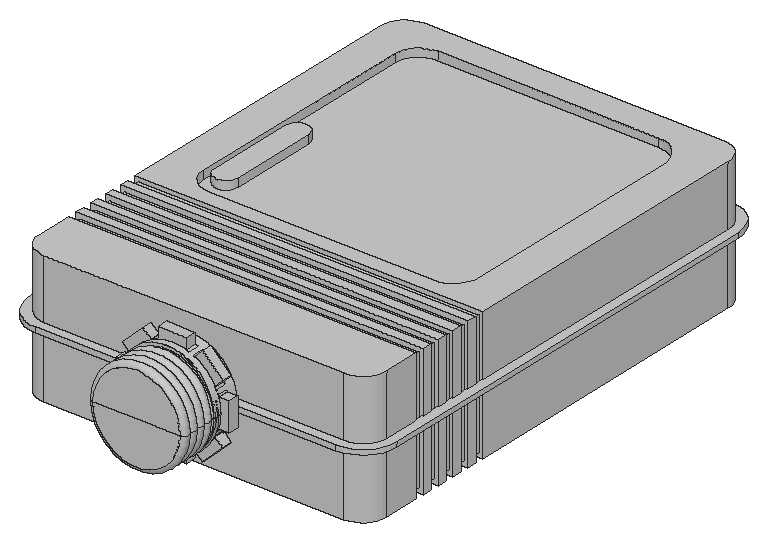
Revit family "NXRCFCX", category Communication Devices, host Face, Revit 2014
Parameters
  Warranty = "5-Years Warranty"  # constant formula
  Voltage = "120/277/347 VAC"
  Type Comments = "FX Room Controller"  # constant formula
  Standby Power = "120VAC: 1.2,277VAC: 1.5,347VAC: 1.5"  # constant formula
  Product Page URL = "https://www.hubbell.com/hubbellcontrolsolutions/en/Products/Lighting-Controls/Lighting-Controls-Sensors/NX-Distributed-Intelligence-Lighting-Controls/FX-Room-Controller/p/6338621"
  Product Documentation Link = "https://hubbellcdn.com/specsheet/HCS_3510A_NXRCFX_SPEC.pdf"
  URL = "https://www.hubbell.com/hubbellcontrolsolutions/en"
  Model = "NX Room Controller"  # constant formula
  Manufacturer = "Hubbell Control Solutions"  # constant formula
  L = 5.26"
  Washer = Metal-Hubbell-Galvanized_Steel
  Features = "• Single or dual relay versions for ON/OFF or bi-level control\r\n• Approved for use with controlled receptacles\r\n• Single or dual 0-10V interface for full range dimming control\r\n• FX bus enabled, allows for up to 32 room controllers per NX Zone Segment\r\n• SmartPORT™ auto configuration support for NX Occupancy Sensors,\r\nDaylight Sensors and Smart Wall Stations\r\n• Intelligently and automatically responds to sensors and switches in the most\r\nefficient manner\r\n• Schedules are held in the devices themselves with integral Time Clock\r\nrequiring no additional devices for scheduling\r\n• Advanced configuration, power metering, and control through either NX\r\nArea Controller or HCS controlHUBB Bluetooth™ mobile application"  # constant formula
  Dimming = " Class 2/Class 1\r\n• Installation as Class 1 requires 600 volt\r\ninsulation on dimming conductors sharing\r\na conduit with line voltage conductors"  # constant formula
  Description = "The FX enabled NX Room Controller (NXRCFX) provides automatic and manual lighting control with the simplicity of plug-in installation and auto-configuration. Devices such as digital wall stations, occupancy/vacancy sensors, and daylight sensors are simply plugged into the FX Room Controller and auto-configure to default operations. All device communication is over stardard Cat5 cables which simplifies installation and eliminates wiring errors. Advanced configuration of the FX Room Controller can be accomplished through use of the NX Bluetooth® Radio and free controlHUBB mobile application available for both Android™ and iOS® devices. All of these features add up to an efficient, user-friendly and trouble-free installation."  # constant formula
  Default Elevation = 0.00"
  Copyright = "Copyright © 2020 Hubbell Control Solutions"  # constant formula
  Contact Us = "https://www.hubbell.com/hubbellcontrolsolutions/en/contactUs"
  Housing Material = Plastic - Hubbell - Gray
  Certification = "Conforms with UL916 and Certified to CAN/\r\nCSA C22.2 No. 205-M1983\r\n• IC Approved\r\n• Title 24 compliance"  # constant formula
  Assembly Code = "D5090"
Reference planes (in)
  plane 1 "Center (Front/Back)": y = 13.01342
  plane 2: z = 0
  plane 3 "Center (Left/Right)": x = 0
  plane 4: x = 1.93
  plane 5: x = -1.93
  plane 6: y = 15.64342
  plane 7: y = 10.38342
Forms (in)
  Extrusion 1, solid, material "Plastic - Hubbell - Gray" <- "Housing Material"
    sketch origin (13.06888, 12.96782, 0) x (0, 1, 0) y (-1, 0, 0)
      loop
        arc (-2.18, 14.837) -> (-2.35678, 14.76378) -> (-2.43, 14.587) r 0.25
        line (-2.43, 14.587) -> (-2.43, 11.4497)
        arc (-2.43, 11.4497) -> (-2.35678, 11.27292) -> (-2.18, 11.1997) r 0.25
        line (-2.18, 11.1997) -> (2.28105, 11.1997)
        arc (2.28105, 11.1997) -> (2.45783, 11.27292) -> (2.53105, 11.4497) r 0.25
        line (2.53105, 11.4497) -> (2.53105, 14.587)
        arc (2.53105, 14.587) -> (2.45783, 14.76378) -> (2.28105, 14.837) r 0.25
        line (2.28105, 14.837) -> (-2.18, 14.837)
    from 0 to 1.37
  Sweep 2, solid, material "Plastic - Hubbell - Gray" <- "Housing Material"
    path in 3D
      loop
        line (-1.76813, 12.04114, 1.37) -> (-1.76813, 10.78782, 1.37)
        arc (-1.76813, 10.78782, 1.37) -> (-1.6949, 10.61105, 1.37) -> (-1.51813, 10.53782, 1.37) r 0.25
        line (-1.51813, 10.53782, 1.37) -> (1.61918, 10.53782, 1.37)
        arc (1.61918, 10.53782, 1.37) -> (1.79596, 10.61105, 1.37) -> (1.86918, 10.78782, 1.37) r 0.25
        line (1.86918, 10.78782, 1.37) -> (1.86918, 11.18547, 1.37) -> (1.86918, 15.24888, 1.37)
        arc (1.86918, 15.24888, 1.37) -> (1.79596, 15.42565, 1.37) -> (1.61918, 15.49888, 1.37) r 0.25
        line (1.61918, 15.49888, 1.37) -> (-1.51813, 15.49888, 1.37)
        arc (-1.51813, 15.49888, 1.37) -> (-1.6949, 15.42565, 1.37) -> (-1.76813, 15.24888, 1.37) r 0.25
        line (-1.76813, 15.24888, 1.37) -> (-1.76813, 14.11061, 1.37)
    profile origin (-1.76813, 14.67974, 1.37) x (1, 0, 0) y (0, 0, 1)
      loop
        line (0, -0.625) -> (-0.10642, -0.625) -> (-0.10642, -0.67672) -> (0, -0.67672) -> (0, -0.625)
  Sweep 3, void
    path origin (0, 13.01342, 0) x (1, 0, 0) y (0, 0, 1)
      loop
        line (1.86918, 1.37) -> (-1.76813, 1.37) -> (-1.76813, 0) -> (1.86918, 0) -> (1.86918, 1.37)
    profile origin (0.05053, 13.01342, 1.37) x (0, 0, -1) y (0, -1, 0)
      loop
        line (0, 0.97228) -> (0.04095, 0.97228) -> (0.04095, 1.06924) -> (0, 1.06924) -> (0, 0.97228)
      loop
        line (0.04876, 1.16619) -> (0.04876, 1.26315) -> (0, 1.26315) -> (0, 1.16619) -> (0.04876, 1.16619)
      loop
        line (0.04876, 1.36011) -> (0.04876, 1.45707) -> (0, 1.45707) -> (0, 1.36011) -> (0.04876, 1.36011)
      loop
        line (0.04876, 1.55403) -> (0.04876, 1.65098) -> (0, 1.65098) -> (0, 1.55403) -> (0.04876, 1.55403)
      loop
        line (0.04876, 1.74794) -> (0.04876, 1.8449) -> (0, 1.8449) -> (0, 1.74794) -> (0.04876, 1.74794)
  Extrusion 4, solid, material "Plastic - Hubbell - Gray"
    sketch origin (0, 0, 0) x (0, 1, 0) y (0, 0, -1)
      loop
        line (12.05823, -0.93272) -> (14.1811, -0.93272) -> (14.1811, -0.43272) -> (12.05823, -0.43272) -> (12.05823, -0.93272)
      loop
        line (12.09385, -0.8971) -> (14.12985, -0.8971) -> (14.12985, -0.46835) -> (12.09385, -0.46835) -> (12.09385, -0.8971)
    from 1.86918 to 1.93
  Extrusion 5, solid, material "Plastic - Hubbell - Gray" <- "Housing Material"
    sketch origin (0, 0, 0) x (0, 1, 0) y (0, 0, 1)
      loop
        line (14.12985, 0.78783) -> (14.04975, 0.78783) -> (14.04975, 0.84943) -> (13.96717, 0.84943) -> (13.96717, 0.8971) -> (13.80782, 0.8971) -> (13.80782, 0.84943) -> (13.72524, 0.84943) -> (13.72524, 0.78783) -> (13.64038, 0.78783) -> (13.64038, 0.46835) -> (14.12985, 0.46835) -> (14.12985, 0.78783)
      loop
        line (13.59252, 0.78783) -> (13.54465, 0.78783) -> (13.54465, 0.84943) -> (13.46208, 0.84943) -> (13.46208, 0.8971) -> (13.30272, 0.8971) -> (13.30272, 0.84943) -> (13.22015, 0.84943) -> (13.22015, 0.78783) -> (13.13529, 0.78783) -> (13.13529, 0.46835) -> (13.59252, 0.46835) -> (13.59252, 0.78783)
      loop
        line (12.10948, 0.78783) -> (12.10948, 0.46835) -> (12.59894, 0.46835) -> (12.59894, 0.78783) -> (12.51408, 0.78783) -> (12.51408, 0.84943) -> (12.43151, 0.84943) -> (12.43151, 0.8971) -> (12.27215, 0.8971) -> (12.27215, 0.84943) -> (12.18958, 0.84943) -> (12.18958, 0.78783) -> (12.10948, 0.78783)
      loop
        line (12.64681, 0.78783) -> (12.64681, 0.46835) -> (13.10404, 0.46835) -> (13.10404, 0.78783) -> (13.01918, 0.78783) -> (13.01918, 0.84943) -> (12.9366, 0.84943) -> (12.9366, 0.8971) -> (12.77725, 0.8971) -> (12.77725, 0.84943) -> (12.69467, 0.84943) -> (12.69467, 0.78783) -> (12.64681, 0.78783)
      loop
        line (14.1811, 0.93272) -> (12.05823, 0.93272) -> (12.05823, 0.43272) -> (14.1811, 0.43272) -> (14.1811, 0.93272)
    from -1.76813 to -1.93
  Extrusion 6, solid, material "Plastic - Hubbell - Gray" <- "Housing Material"
    sketch origin (0, 13.01342, 0) x (1, 0, 0) y (0, 0, 1)
      loop
        circle (0, 0.69328) r 0.5
    from 2.4756 to 2.77248
  Extrusion 7, solid, material "Metal-Hubbell-Galvanized_Steel" <- "Washer"
    sketch origin (0, 13.01342, 0) x (1, 0, 0) y (0, 0, 1)
      loop
        arc (-0.14745, 1.17104) -> (-0.19134, 1.15521) -> (-0.23356, 1.13537) r 0.5
        line (-0.23356, 1.13537) -> (-0.31252, 1.21433) -> (-0.52105, 1.0058) -> (-0.4421, 0.92684)
        arc (-0.4421, 0.92684) -> (-0.46194, 0.88462) -> (-0.47776, 0.84073) r 0.5
        line (-0.47776, 0.84073) -> (-0.58943, 0.84073) -> (-0.58943, 0.54582) -> (-0.47776, 0.54582)
        arc (-0.47776, 0.54582) -> (-0.46194, 0.50193) -> (-0.4421, 0.45971) r 0.5
        line (-0.4421, 0.45971) -> (-0.52105, 0.38075) -> (-0.31252, 0.17222) -> (-0.23356, 0.25118)
        arc (-0.23356, 0.25118) -> (-0.19134, 0.23134) -> (-0.14745, 0.21551) r 0.5
        line (-0.14745, 0.21551) -> (-0.14745, 0.10385) -> (0.14745, 0.10385) -> (0.14745, 0.21551)
        arc (0.14745, 0.21551) -> (0.19134, 0.23134) -> (0.23356, 0.25118) r 0.5
        line (0.23356, 0.25118) -> (0.31252, 0.17222) -> (0.52105, 0.38075) -> (0.4421, 0.45971)
        arc (0.4421, 0.45971) -> (0.46194, 0.50193) -> (0.47776, 0.54582) r 0.5
        line (0.47776, 0.54582) -> (0.58943, 0.54582) -> (0.58943, 0.84073) -> (0.47776, 0.84073)
        arc (0.47776, 0.84073) -> (0.46194, 0.88462) -> (0.4421, 0.92684) r 0.5
        line (0.4421, 0.92684) -> (0.52105, 1.0058) -> (0.31252, 1.21433) -> (0.23356, 1.13537)
        arc (0.23356, 1.13537) -> (0.19134, 1.15521) -> (0.14745, 1.17104) r 0.5
        line (0.14745, 1.17104) -> (0.14745, 1.2827) -> (-0.14745, 1.2827) -> (-0.14745, 1.17104)
    from 2.58201 to 2.69301
  Revolve 8, solid, material "Plastic - Hubbell - Gray" <- "Housing Material"
    sketch origin (0, 0.28125, 0.67855) x (1, 0, 0) y (0, 1, 0)
      loop
        line (0, 10.04358) -> (0, 9.56701) -> (0.45403, 9.568)
        arc (0.45403, 9.568) -> (0.50159, 9.61556) -> (0.45403, 9.66312) r 0.04756
        arc (0.45403, 9.66312) -> (0.50159, 9.71067) -> (0.45403, 9.75823) r 0.04756
        arc (0.45403, 9.75823) -> (0.50159, 9.80579) -> (0.45403, 9.85335) r 0.04756
        arc (0.45403, 9.85335) -> (0.50159, 9.9009) -> (0.45403, 9.94846) r 0.04756
        arc (0.45403, 9.94846) -> (0.50159, 9.99602) -> (0.45403, 10.04358) r 0.04756
        line (0.45403, 10.04358) -> (0, 10.04358)
      axis (0, 10.04358) -> (0, 9.56701)
    angle from 0 to 360
  Extrusion 9, void
    sketch origin (0, 0, 0) x (1, 0, 0) y (0, 1, 0)
      loop
        line (-1.13959, 12.20671) -> (1.23733, 12.20671)
        arc (1.23733, 12.20671) -> (1.41411, 12.27993) -> (1.48733, 12.45671) r 0.25
        line (1.48733, 12.45671) -> (1.48733, 14.88186)
        arc (1.48733, 14.88186) -> (1.39218, 15.11156) -> (1.16248, 15.20671) r 0.32485
        line (1.16248, 15.20671) -> (-1.13959, 15.20671)
        arc (-1.13959, 15.20671) -> (-1.31636, 15.13349) -> (-1.38959, 14.95671) r 0.25
        line (-1.38959, 14.95671) -> (-1.38959, 12.45671)
        arc (-1.38959, 12.45671) -> (-1.31636, 12.27993) -> (-1.13959, 12.20671) r 0.25
    from 1.2827 to 1.37
  Extrusion 10, solid, material "Plastic - Hubbell - Gray" <- "Housing Material"
    sketch origin (0, 0, 0) x (1, 0, 0) y (0, 1, 0)
      loop
        arc (-1.33943, 12.5422) -> (-1.21443, 12.4172) -> (-1.08943, 12.5422) r 0.125
        line (-1.08943, 12.5422) -> (-1.08943, 13.4561)
        arc (-1.08943, 13.4561) -> (-1.21443, 13.5811) -> (-1.33943, 13.4561) r 0.125
        line (-1.33943, 13.4561) -> (-1.33943, 12.5422)
    from 1.2827 to 1.37
Cuts and joins
  Sweep 3, Extrusion 9 cuts Extrusion 1
  Sweep 3 cuts Sweep 2
Lines and regions (in)
  sketch lines
    curve 1: line (-1.76813, 15.24888, 1.37) -> (-1.76813, 14.11061, 1.37)
    curve 2: arc (-1.76813, 15.24888, 1.37) -> (-1.6949, 15.42565, 1.37) -> (-1.51813, 15.49888, 1.37) r 0.25
    curve 3: line (1.61918, 15.49888, 1.37) -> (-1.51813, 15.49888, 1.37)
    curve 4: arc (1.61918, 15.49888, 1.37) -> (1.79596, 15.42565, 1.37) -> (1.86918, 15.24888, 1.37) r 0.25
    curve 5: line (1.86918, 11.18547, 1.37) -> (1.86918, 15.24888, 1.37)
    curve 6: line (1.86918, 10.78782, 1.37) -> (1.86918, 11.18547, 1.37)
    curve 7: arc (1.86918, 10.78782, 1.37) -> (1.79596, 10.61105, 1.37) -> (1.61918, 10.53782, 1.37) r 0.25
    curve 8: line (-1.51813, 10.53782, 1.37) -> (1.61918, 10.53782, 1.37)
    curve 9: arc (-1.51813, 10.53782, 1.37) -> (-1.6949, 10.61105, 1.37) -> (-1.76813, 10.78782, 1.37) r 0.25
    curve 10: line (-1.76813, 12.04114, 1.37) -> (-1.76813, 10.78782, 1.37)
Dimensions and locks (in)
  aligned and locked: plane 2 to host face
  aligned and locked: level to host face
  aligned and locked: Extrusion 4 to Extrusion 5
  aligned and locked: Extrusion 6 to cut or joined group of Extrusion 1, Sweep 3, Extrusion 9
  aligned and locked: Extrusion 1 to Extrusion 9
  aligned and locked: cut or joined group of Extrusion 1, Sweep 3, Extrusion 9 to Extrusion 10
Connectors (in)
  electrical at (-0.09483, 12.32442, 0.745)
    settings: on cut or joined group of Sweep 2, Sweep 3, index 1, voltage 0 V, apparent load 0 VA, apparent load phase1 0 VA, apparent load phase2 0 VA, apparent load phase3 0 VA, power factor 1, load classification "Other", number of poles 1, system type 14, power factor state 1, is connector primary yes, connector utility no, sub classification motor no, connector description "Room Controller"
